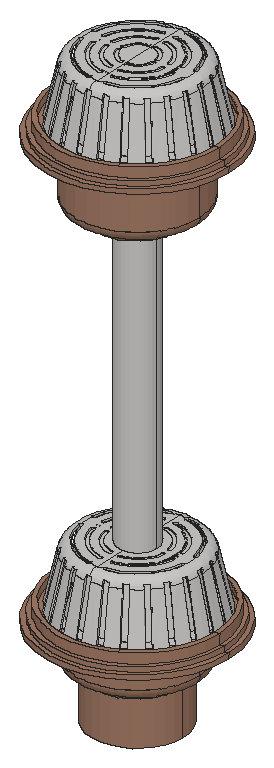
Revit family "Planter_Drain-Jay R. Smith-1915_Series", category Plumbing Fixtures, Revit 2021
Family settings
  Round Connector Dimension = Use Diameter
  Part Type = Normal
  OmniClass Number = 23.70.50.21.24
  OmniClass Title = Waste Water Drains
  Work Plane-Based = Yes
  Always vertical = Yes
  Cut with Voids When Loaded = No
  Shared = No
  Room Calculation Point = No
Parameters (values of type "1915Y06")
  Waste Connection = yes
  Vent Connection = no
  URL = "http://www.jrsmith.com"
  U - Vandal Proof Dome = no
  R - Sump Receiver = no
  Product Page URL = "https://www.jrsmith.com/1915-1920-1930-plaza-planter-drain"
  Product Documentation Link = "https://www.jrsmith.com/uploads/fileLibrary/d1915.pdf"
  Model = "1915Y06"
  Material = "Cast Iron-Jay R Smith-Duco Coated"
  Manufacturer = "Jay R. Smith Mfg. Co. "  # constant formula
  Installation Type = "Roof"  # constant formula
  HW Connection = no
  Finish = Cast Iron-Jay R Smith-Duco Coated
  Dome Height = 4 1/2"  # constant formula
  Diameter = 12"  # constant formula
  Description = "Duco cast iron body with adjustable extension sleeve, reversible collar, combined flashing clamp and gravel stop, and polyethylene dome"  # constant formula
  Default Elevation = 0"  # constant formula
  Connection Size = 6"
  Connection Radius = Connection Size / 2  # 3"
  Connection Outlet Description = "6\" No-HUB Outlet Connection"
  CW Connection = no
  C - Underdeck Clamp = no
  Assembly Code = "D2030300"
Types (5): name | Model | Connection Size | Connection Radius | Connection Outlet Description
  1915Y02 | "1915Y02" | 2" | 1" | "2\" No-HUB Outlet Connection"
  1915Y03 | "1915Y03" | 3" | 1 1/2" | "3\" No-HUB Outlet Connection"
  1915Y04 | "1915Y04" | 4" | 2" | "4\" No-HUB Outlet Connection"
  1915Y05 | "1915Y05" | 5" | 2 1/2" | "5\" No-HUB Outlet Connection"
  1915Y06 | "1915Y06" | 6" | 3" | "6\" No-HUB Outlet Connection"
Reference planes (in)
  plane 1: z = 0
  plane 2: y = 0
  plane 3: x = 0
  plane 4: z = 4.5
  plane 5: z = -6
  plane 6: z = 28.5
  plane 7: z = 23.75
  plane 8: z = 33
  plane 9: x = -6
  plane 10: x = 6
  plane 11: x = -4.875
  plane 12: x = 4.875
Forms (in)
  Revolve 1, solid, material "Cast Iron-Jay R Smith-Duco Coated" <- "Finish"
    sketch origin (-0.00719, 0, -13.75143) x (1, 0, 0) y (0, 0, 1)
      loop
        arc (2.87012, 10.64075) -> (3.04919, 10.71492) -> (3.12336, 10.89399) r 0.25324
        line (3.12336, 10.89399) -> (3.12336, 10.9462)
        arc (3.12336, 10.9462) -> (3.16789, 11.05371) -> (3.27541, 11.09825) r 0.15205
        line (3.27541, 11.09825) -> (3.31676, 11.09825)
        arc (3.31676, 11.09825) -> (3.85258, 11.25183) -> (4.08523, 11.75836) r 0.66775
        line (4.08523, 11.75836) -> (4.08523, 12.76636) -> (6.00719, 13.42193) -> (6.00719, 13.75143) -> (5.69577, 13.75143) -> (5.69577, 14.05626) -> (5.41344, 14.05626) -> (5.41344, 14.71046) -> (5.13283, 14.71046) -> (5.13283, 14.33802) -> (4.67695, 14.33802) -> (4.67695, 13.75143) -> (0.00719, 13.75143) -> (0.00719, 10.64075) -> (2.87012, 10.64075)
      axis (0, 10.64075) -> (0, 14.71046)
    angle from 0 to 360
  Revolve 2, solid, material "Cast Iron-Jay R Smith-Duco Coated" <- "Finish"
    sketch origin (-8.0697, 0, 0) x (-1, 0, 0) y (0, 0, -1)
      loop
        line (-8.0697, 6) -> (-11.0697, 6) -> (-11.0697, 0) -> (-8.0697, 0) -> (-8.0697, 6)
      axis (-8.0697, 0) -> (-8.0697, 6)
    angle from 0 to 360
  Revolve 3, solid, material "Metal-Jay R Smith-Stainless Steel"
    sketch origin (-7.78557, 0, 0) x (-1, 0, 0) y (0, 0, -1)
      loop
        line (-7.78557, -4.5) -> (-5.33073, -4.5)
        arc (-5.33073, -4.5) -> (-4.97028, -4.37764) -> (-4.7588, -4.06114) r 0.59211
        line (-4.7588, -4.06114) -> (-3.86561, -0.72771) -> (-3.17681, -0.72771) -> (-3.17681, -0.30483) -> (-4.01112, -0.30483) -> (-5.00028, -3.99644)
        arc (-5.00028, -3.99644) -> (-5.12247, -4.17931) -> (-5.33073, -4.25) r 0.34211
        line (-5.33073, -4.25) -> (-7.78557, -4.25) -> (-7.78557, -4.5)
      axis (-7.78557, -4.5) -> (-7.78557, -0.30483)
    angle from 0 to 360
  Revolve 4, solid, material "Metal-Jay R Smith-Stainless Steel"
    sketch origin (-8.86669, 0, 0) x (1, 0, 0) y (0, 0, 1)
      loop
        line (7.86669, 0) -> (7.86669, 23.75) -> (7.61669, 23.75) -> (7.61669, 0) -> (7.86669, 0)
      axis (8.86669, 23.75) -> (8.86669, 0)
    angle from 0 to 360
  Revolve 5, solid, material "Cast Iron-Jay R Smith-Duco Coated" <- "Finish"
    sketch origin (-0.00719, 0, 14.74857) x (1, 0, 0) y (0, 0, 1)
      loop
        arc (2.87012, 9.00143) -> (3.04919, 9.0756) -> (3.12336, 9.25466) r 0.25324
        line (3.12336, 9.25466) -> (3.12336, 9.30687)
        arc (3.12336, 9.30687) -> (3.16789, 9.41439) -> (3.27541, 9.45892) r 0.15205
        line (3.27541, 9.45892) -> (3.31676, 9.45892)
        arc (3.31676, 9.45892) -> (3.85258, 9.6125) -> (4.08523, 10.11903) r 0.66775
        line (4.08523, 10.11903) -> (4.08523, 12.76636) -> (6.00719, 13.42193) -> (6.00719, 13.75143) -> (5.69577, 13.75143) -> (5.69577, 14.05626) -> (5.41344, 14.05626) -> (5.41344, 14.71046) -> (5.13283, 14.71046) -> (5.13283, 14.33802) -> (4.67695, 14.33802) -> (4.67695, 13.75143) -> (0.00719, 13.75143) -> (0.00719, 9.00143) -> (2.87012, 9.00143)
      axis (0, 9.00143) -> (0, 14.71046)
    angle from 0 to 360
  Revolve 6, solid, material "Metal-Jay R Smith-Stainless Steel"
    sketch origin (-7.78557, 0, 28.5) x (-1, 0, 0) y (0, 0, -1)
      loop
        line (-7.78557, -4.5) -> (-5.33073, -4.5)
        arc (-5.33073, -4.5) -> (-4.97028, -4.37764) -> (-4.7588, -4.06114) r 0.59211
        line (-4.7588, -4.06114) -> (-3.86561, -0.72771) -> (-3.17681, -0.72771) -> (-3.17681, -0.30483) -> (-4.01112, -0.30483) -> (-5.00028, -3.99644)
        arc (-5.00028, -3.99644) -> (-5.12247, -4.17931) -> (-5.33073, -4.25) r 0.34211
        line (-5.33073, -4.25) -> (-7.78557, -4.25) -> (-7.78557, -4.5)
      axis (-7.78557, -4.5) -> (-7.78557, -0.30483)
    angle from 0 to 360
Dimensions and locks (in)
  locked: plane 4 to level at 4.5
  locked: level to plane 5 at 6
  locked: plane 6 to plane 4 at 24
  locked: plane 6 to plane 7 at 4.75
  locked: plane 8 to plane 6 at 4.5
  "Diameter": plane 10 to plane 9
  plane 12 to plane 11 = 9 3/4"
  "Connection Radius": Revolve 2 sketch curve to Revolve 2 sketch curve
  locked: Revolve 4 sketch curve to plane 3 at 1
  locked: Revolve 4 sketch curve to Revolve 4 sketch curve at 0.25
  aligned and locked: plane 3 to Revolve 2 sketch curve  (x2)
  aligned and locked: Revolve 2 sketch curve to plane 5
  aligned and locked: level to Revolve 2 sketch curve
  aligned and locked: plane 3 to Revolve 3 sketch curve  (x2)
  aligned and locked: plane 3 to Revolve 4 sketch curve
  aligned and locked: Revolve 4 sketch curve to level
  aligned and locked: plane 7 to Revolve 4 sketch curve
  aligned and locked: plane 7 to Revolve 5 sketch curve
Automatic sketch dimensions
  Revolve 1 sketch curve to level = 0"  (x2)
  plane 3 to Revolve 1 sketch curve = 0"
  plane 10 to Revolve 1 sketch curve = 0"
  plane 12 to Revolve 1 sketch curve = 2.01207"
  Revolve 1 sketch curve to Revolve 1 sketch curve = 0.25324"
  Revolve 1 sketch curve to Revolve 1 sketch curve = 0.15205"
  Revolve 1 sketch curve to Revolve 1 sketch curve = 0.04135"
  Revolve 1 sketch curve to Revolve 1 sketch curve = 0.10072"
  plane 12 to Revolve 1 sketch curve = 0.79696"
  plane 12 to Revolve 1 sketch curve = 0.20524"
  Revolve 1 sketch curve to plane 12 = 0.25064"
  Revolve 1 sketch curve to Revolve 1 sketch curve = 0.28061"
  plane 10 to Revolve 1 sketch curve = 0.31142"
  Revolve 1 sketch curve to Revolve 1 sketch curve = 0.3295"
  Revolve 1 sketch curve to level = 0.98506"
  Revolve 1 sketch curve to Revolve 1 sketch curve = 1.008"
  Revolve 1 sketch curve to Revolve 1 sketch curve = 0.05221"
  level to Revolve 1 sketch curve = 0.30483"
  Revolve 1 sketch curve to Revolve 1 sketch curve = 0.28176"
  Revolve 1 sketch curve to Revolve 1 sketch curve = 0.37244"
  plane 3 to Revolve 1 sketch curve = 0.00719"
  Revolve 1 sketch curve to Revolve 1 sketch curve = 1.18736"
  Revolve 1 sketch curve to plane 5 = 4.32418"
  Revolve 3 sketch curve to Revolve 3 sketch curve = 0"  (x2)
  Revolve 3 sketch curve to plane 4 = 0"
  plane 11 to Revolve 3 sketch curve = 2.42016"
  Revolve 3 sketch curve to plane 4 = 0.50356"
  Revolve 3 sketch curve to Revolve 3 sketch curve = 0.33045"
  Revolve 3 sketch curve to plane 4 = 0.43886"
  Revolve 3 sketch curve to Revolve 3 sketch curve = 0.24148"
  level to Revolve 3 sketch curve = 0.30483"
  plane 11 to Revolve 3 sketch curve = 1.10055"
  Revolve 3 sketch curve to Revolve 3 sketch curve = 0.14551"
  plane 11 to Revolve 3 sketch curve = 0.26623"
  Revolve 3 sketch curve to Revolve 3 sketch curve = 0.42288"
  Revolve 3 sketch curve to Revolve 3 sketch curve = 3"  (x2)
  plane 4 to Revolve 4 sketch curve = 4"
  Revolve 4 sketch curve to plane 7 = 5 1/4"
  plane 3 to Revolve 5 sketch curve = 0"
  Revolve 5 sketch curve to plane 6 = 0"  (x2)
  Revolve 5 sketch curve to plane 10 = 0"
  plane 7 to Revolve 5 sketch curve = 0.25324"
  plane 12 to Revolve 5 sketch curve = 2.01207"
  Revolve 5 sketch curve to Revolve 5 sketch curve = 0.15205"
  Revolve 5 sketch curve to Revolve 5 sketch curve = 0.04135"
  Revolve 5 sketch curve to Revolve 5 sketch curve = 0.10072"
  plane 12 to Revolve 5 sketch curve = 0.79696"
  plane 12 to Revolve 5 sketch curve = 0.20524"
  Revolve 5 sketch curve to plane 12 = 0.25064"
  Revolve 5 sketch curve to Revolve 5 sketch curve = 0.28061"
  plane 10 to Revolve 5 sketch curve = 0.31142"
  Revolve 5 sketch curve to Revolve 5 sketch curve = 0.05221"
  Revolve 5 sketch curve to plane 6 = 0.98506"
  Revolve 5 sketch curve to Revolve 5 sketch curve = 0.3295"
  plane 6 to Revolve 5 sketch curve = 0.30483"
  Revolve 5 sketch curve to Revolve 5 sketch curve = 0.28176"
  Revolve 5 sketch curve to Revolve 5 sketch curve = 0.37244"
  plane 3 to Revolve 5 sketch curve = 0.00719"
  Revolve 5 sketch curve to plane 7 = 5.57418"
  plane 7 to Revolve 5 sketch curve = 0.45197"
  Revolve 6 sketch curve to Revolve 6 sketch curve = 0"  (x2)
  plane 3 to Revolve 6 sketch curve = 0"  (x2)
  Revolve 6 sketch curve to plane 8 = 0"
  plane 11 to Revolve 6 sketch curve = 2.42016"
  Revolve 6 sketch curve to plane 8 = 0.50356"
  Revolve 6 sketch curve to Revolve 6 sketch curve = 0.33045"
  Revolve 6 sketch curve to plane 8 = 0.43886"
  Revolve 6 sketch curve to Revolve 6 sketch curve = 0.24148"
  plane 6 to Revolve 6 sketch curve = 0.30483"
  plane 11 to Revolve 6 sketch curve = 1.10055"
  Revolve 6 sketch curve to Revolve 6 sketch curve = 0.14551"
  plane 11 to Revolve 6 sketch curve = 0.26623"
  Revolve 6 sketch curve to Revolve 6 sketch curve = 0.42288"
  plane 8 to Revolve 6 sketch curve = 3"
  Revolve 6 sketch curve to Revolve 6 sketch curve = 3"
  Revolve 2 sketch curve to plane 7 = 5 1/4"
  Revolve 2 sketch curve to plane 5 = 4.64255"
Nested families (in)
  nested 1: "DOME" at (0.04971, 0, 0) x (0, 1, 0) z (0, 0, 1), type "Dome"
  nested 2: "DOME" at (0.04971, 0, 28.5) x (0, 1, 0) z (0, 0, 1), type "Dome"
Connectors (in)
  piping at (0, 0, -6), diameter 6, driven by "Connection Size", driven by "Connection Outlet Description"
    settings: on Revolve 2, index 1, connector inside diameter 24", connector length 0", flow factor 0, pipe flow 0 GPM, pressure drop 0.00 psi, fitting loss kfactor 0, connector angle 0.00°, fixture units 0, engagement length 0", angle of deflection 0.00°, flow configuration 0, flow direction 2, fitting loss method 0, system type 16, joint type 0, gender type 0, connector reference index -1, connector utility 0, adjustable connector no, is connector primary yes, connector description "6\" No-HUB Outlet Connection"
Definition of nested family "DOME"
  Parameters (values of type "Dome")
    Waste Connection = yes
    WFU = 0
    Vent Connection = no
    URL = ""
    Model = "Dome"
    Manufacturer = ""
    HW Connection = no
    Finish = none
    Description = ""
    Default Elevation = 0"
    Connection Radius = 2"
    CW Connection = no
  Reference planes (in)
    plane 1 "Center (Front/Back)": y = 0
    plane 2: z = 0
    plane 3 "Center (Left/Right)": x = 0
    plane 4: through (1.15564, -4.31289, 48) normal (0.9659, 0.2588, 0)
    plane 5: through (-1.15564, -4.31289, 48) normal (0.9659, -0.2588, 0)
    plane 6: through (-1.15564, -4.31289, 48) normal (0.9659, -0.2588, 0)
    plane 7: through (1.15564, 4.31289, 48) normal (-0.9659, 0.2588, 0)
    plane 8: through (-1.15564, 4.31289, 48) normal (-0.9659, -0.2588, 0)
    plane 9: through (2.23252, -3.86683, 48) normal (0.866, 0.5, 0)
    plane 10: through (2.23252, 3.86683, 48) normal (-0.866, 0.5, 0)
    plane 11: through (-3.15726, 3.15726, 48) normal (-0.7071, -0.7071, 0)
    plane 12: through (3.15726, 3.15726, 48) normal (-0.7071, 0.7071, 0)
    plane 13: through (-4.31289, 1.15564, 48) normal (-0.2588, -0.9659, 0)
    plane 14: through (3.86683, -2.23252, 48) normal (0.5, 0.866, 0)
    plane 15: through (4.31289, 1.15564, 48) normal (-0.2588, 0.9659, 0)
    plane 16: through (-3.86683, -2.23252, 48) normal (0.5, -0.866, 0)
    plane 17: through (0, 0, 48) normal (0.9914, 0.1305, 0)
    plane 18: z = 4.5
    plane 19: z = 5.66494
  Forms (in)
    Extrusion 1, solid
      sketch origin (0, 0, 0) x (1, 0, 0) y (0, 1, 0)
        loop
          line (-48, 48) -> (-48, -48) -> (48, -48) -> (48, 48) -> (-48, 48)
      from 0 to -12
    Extrusion 2, void
      sketch origin (0, 0, 5.875) x (1, 0, 0) y (0, 1, 0)
        loop
          arc (0.44843, -2.71319) -> (1.94454, -1.94454) -> (2.71319, -0.44843) r 2.75
          arc (2.71319, -0.44843) -> (2.60981, -0.30738) -> (2.46654, -0.40766) r 0.12503
          arc (2.46654, -0.40766) -> (1.76777, -1.76777) -> (0.40766, -2.46654) r 2.5
          arc (0.40766, -2.46654) -> (0.30738, -2.60981) -> (0.44843, -2.71319) r 0.12503
        loop
          arc (0.329, -1.97275) -> (1.41421, -1.41421) -> (1.97275, -0.329) r 2
          arc (1.97275, -0.329) -> (1.87186, -0.18543) -> (1.72678, -0.28413) r 0.12503
          arc (1.72678, -0.28413) -> (1.23744, -1.23744) -> (0.28413, -1.72678) r 1.75
          arc (0.28413, -1.72678) -> (0.18543, -1.87186) -> (0.329, -1.97275) r 0.12503
        loop
          arc (0.20562, -1.23297) -> (0.88388, -0.88388) -> (1.23297, -0.20562) r 1.25
          arc (1.23297, -0.20562) -> (1.12842, -0.06144) -> (0.98577, -0.16809) r 0.12503
          arc (0.98577, -0.16809) -> (0.70453, -0.70968) -> (0.16091, -0.98697) r 1
          arc (0.16091, -0.98697) -> (0.06204, -1.132) -> (0.20562, -1.23297) r 0.12503
        loop
          arc (0.57072, -3.45315) -> (2.47487, -2.47487) -> (3.45315, -0.57072) r 3.5
          arc (3.45315, -0.57072) -> (3.34977, -0.42968) -> (3.2065, -0.52996) r 0.12503
          arc (3.2065, -0.52996) -> (2.2981, -2.2981) -> (0.52996, -3.2065) r 3.25
          arc (0.52996, -3.2065) -> (0.42968, -3.34977) -> (0.57072, -3.45315) r 0.12503
        loop
          arc (0.44843, 2.71319) -> (0.30738, 2.60981) -> (0.40766, 2.46654) r 0.12503
          arc (0.40766, 2.46654) -> (1.76777, 1.76777) -> (2.46654, 0.40766) r 2.5
          arc (2.46654, 0.40766) -> (2.60981, 0.30738) -> (2.71319, 0.44843) r 0.12503
          arc (2.71319, 0.44843) -> (1.94454, 1.94454) -> (0.44843, 2.71319) r 2.75
        loop
          arc (0.329, 1.97275) -> (0.18543, 1.87186) -> (0.28413, 1.72678) r 0.12503
          arc (0.28413, 1.72678) -> (1.23744, 1.23744) -> (1.72678, 0.28413) r 1.75
          arc (1.72678, 0.28413) -> (1.87186, 0.18543) -> (1.97275, 0.329) r 0.12503
          arc (1.97275, 0.329) -> (1.41421, 1.41421) -> (0.329, 1.97275) r 2
        loop
          arc (0.20562, 1.23297) -> (0.06204, 1.132) -> (0.16091, 0.98697) r 0.12503
          arc (0.16091, 0.98697) -> (0.70453, 0.70968) -> (0.98577, 0.16809) r 1
          arc (0.98577, 0.16809) -> (1.12842, 0.06144) -> (1.23297, 0.20562) r 0.12503
          arc (1.23297, 0.20562) -> (0.88388, 0.88388) -> (0.20562, 1.23297) r 1.25
        loop
          arc (0.57072, 3.45315) -> (0.42968, 3.34977) -> (0.52996, 3.2065) r 0.12503
          arc (0.52996, 3.2065) -> (2.2981, 2.2981) -> (3.2065, 0.52996) r 3.25
          arc (3.2065, 0.52996) -> (3.34977, 0.42968) -> (3.45315, 0.57072) r 0.12503
          arc (3.45315, 0.57072) -> (2.47487, 2.47487) -> (0.57072, 3.45315) r 3.5
        loop
          arc (-0.44843, -2.71319) -> (-0.30738, -2.60981) -> (-0.40766, -2.46654) r 0.12503
          arc (-0.40766, -2.46654) -> (-1.76777, -1.76777) -> (-2.46654, -0.40766) r 2.5
          arc (-2.46654, -0.40766) -> (-2.60981, -0.30738) -> (-2.71319, -0.44843) r 0.12503
          arc (-2.71319, -0.44843) -> (-1.94454, -1.94454) -> (-0.44843, -2.71319) r 2.75
        loop
          arc (-0.329, -1.97275) -> (-0.18543, -1.87186) -> (-0.28413, -1.72678) r 0.12503
          arc (-0.28413, -1.72678) -> (-1.23744, -1.23744) -> (-1.72678, -0.28413) r 1.75
          arc (-1.72678, -0.28413) -> (-1.87186, -0.18543) -> (-1.97275, -0.329) r 0.12503
          arc (-1.97275, -0.329) -> (-1.41421, -1.41421) -> (-0.329, -1.97275) r 2
        loop
          arc (-0.20562, -1.23297) -> (-0.06204, -1.132) -> (-0.16091, -0.98697) r 0.12503
          arc (-0.16091, -0.98697) -> (-0.70453, -0.70968) -> (-0.98577, -0.16809) r 1
          arc (-0.98577, -0.16809) -> (-1.12842, -0.06144) -> (-1.23297, -0.20562) r 0.12503
          arc (-1.23297, -0.20562) -> (-0.88388, -0.88388) -> (-0.20562, -1.23297) r 1.25
        loop
          arc (-0.57072, -3.45315) -> (-0.42968, -3.34977) -> (-0.52996, -3.2065) r 0.12503
          arc (-0.52996, -3.2065) -> (-2.2981, -2.2981) -> (-3.2065, -0.52996) r 3.25
          arc (-3.2065, -0.52996) -> (-3.34977, -0.42968) -> (-3.45315, -0.57072) r 0.12503
          arc (-3.45315, -0.57072) -> (-2.47487, -2.47487) -> (-0.57072, -3.45315) r 3.5
        loop
          arc (-0.44843, 2.71319) -> (-1.94454, 1.94454) -> (-2.71319, 0.44843) r 2.75
          arc (-2.71319, 0.44843) -> (-2.60981, 0.30738) -> (-2.46654, 0.40766) r 0.12503
          arc (-2.46654, 0.40766) -> (-1.76777, 1.76777) -> (-0.40766, 2.46654) r 2.5
          arc (-0.40766, 2.46654) -> (-0.30738, 2.60981) -> (-0.44843, 2.71319) r 0.12503
        loop
          arc (-0.329, 1.97275) -> (-1.41421, 1.41421) -> (-1.97275, 0.329) r 2
          arc (-1.97275, 0.329) -> (-1.87186, 0.18543) -> (-1.72678, 0.28413) r 0.12503
          arc (-1.72678, 0.28413) -> (-1.23744, 1.23744) -> (-0.28413, 1.72678) r 1.75
          arc (-0.28413, 1.72678) -> (-0.18543, 1.87186) -> (-0.329, 1.97275) r 0.12503
        loop
          arc (-0.20562, 1.23297) -> (-0.88388, 0.88388) -> (-1.23297, 0.20562) r 1.25
          arc (-1.23297, 0.20562) -> (-1.12842, 0.06144) -> (-0.98577, 0.16809) r 0.12503
          arc (-0.98577, 0.16809) -> (-0.70453, 0.70968) -> (-0.16091, 0.98697) r 1
          arc (-0.16091, 0.98697) -> (-0.06204, 1.132) -> (-0.20562, 1.23297) r 0.12503
        loop
          arc (-0.57072, 3.45315) -> (-2.47487, 2.47487) -> (-3.45315, 0.57072) r 3.5
          arc (-3.45315, 0.57072) -> (-3.34977, 0.42968) -> (-3.2065, 0.52996) r 0.12503
          arc (-3.2065, 0.52996) -> (-2.2981, 2.2981) -> (-0.52996, 3.2065) r 3.25
          arc (-0.52996, 3.2065) -> (-0.42968, 3.34977) -> (-0.57072, 3.45315) r 0.12503
      from -1.66198 to -0.25663
    Extrusion 3, void
      sketch origin (-0.43301, 0.25, -0.45132) x (0.5, 0.866025, 0) y (0, 0, 1)
        loop
          line (-0.1875, 0.59953) -> (0.1875, 0.59953) -> (0.1875, 4.66434) -> (-0.1875, 4.66434) -> (-0.1875, 0.59953)
      from -5.07939 to 6.07939
    Extrusion 4, void
      sketch origin (-0.12941, 0.48296, -0.45132) x (0.965926, 0.258819, 0) y (0, 0, 1)
        loop
          line (-0.1875, 0.59953) -> (0.1875, 0.59953) -> (0.1875, 4.66434) -> (-0.1875, 4.66434) -> (-0.1875, 0.59953)
      from -5.07939 to 6.07939
    Extrusion 5, void
      sketch origin (0.12941, 0.48296, -0.45132) x (-0.965926, 0.258819, 0) y (0, 0, -1)
        loop
          line (-0.1875, -0.59953) -> (-0.1875, -4.66434) -> (0.1875, -4.66434) -> (0.1875, -0.59953) -> (-0.1875, -0.59953)
      from -5.07939 to 6.07939
    Extrusion 6, void
      sketch origin (0.48296, 0.12941, -0.45132) x (-0.258819, 0.965926, 0) y (0, 0, -1)
        loop
          line (-0.1875, -0.59953) -> (-0.1875, -4.66434) -> (0.1875, -4.66434) -> (0.1875, -0.59953) -> (-0.1875, -0.59953)
      from -5.07939 to 6.07939
    Extrusion 7, void
      sketch origin (0.35355, 0.35355, -0.45132) x (0.707107, -0.707107, 0) y (0, 0, 1)
        loop
          line (-0.1875, 0.59953) -> (0.1875, 0.59953) -> (0.1875, 4.66434) -> (-0.1875, 4.66434) -> (-0.1875, 0.59953)
      from -5.07939 to 6.07939
    Extrusion 8, void
      sketch origin (0.5, 0, -0.45132) x (0, -1, 0) y (0, 0, 1)
        loop
          line (-0.1875, 0.59953) -> (0.1875, 0.59953) -> (0.1875, 4.66434) -> (-0.1875, 4.66434) -> (-0.1875, 0.59953)
      from -5.07939 to 6.07939
    Extrusion 9, void
      sketch origin (0.25, 0.43301, -0.45132) x (0.866025, -0.5, 0) y (0, 0, 1)
        loop
          line (-0.1875, 0.59953) -> (0.1875, 0.59953) -> (0.1875, 4.66434) -> (-0.1875, 4.66434) -> (-0.1875, 0.59953)
      from -5.07939 to 6.07939
    Extrusion 10, void
      sketch origin (0.48296, -0.12941, -0.45132) x (-0.258819, -0.965926, 0) y (0, 0, 1)
        loop
          line (-0.1875, 0.59953) -> (0.1875, 0.59953) -> (0.1875, 4.66434) -> (-0.1875, 4.66434) -> (-0.1875, 0.59953)
      from -5.07939 to 6.07939
    Extrusion 11, void
      sketch origin (-0.25, 0.43301, -0.45132) x (-0.866025, -0.5, 0) y (0, 0, -1)
        loop
          line (-0.1875, -0.59953) -> (-0.1875, -4.66434) -> (0.1875, -4.66434) -> (0.1875, -0.59953) -> (-0.1875, -0.59953)
      from -5.07939 to 6.07939
    Extrusion 12, void
      sketch origin (0.35355, -0.35355, -0.45132) x (0.707107, 0.707107, 0) y (0, 0, -1)
        loop
          line (-0.1875, -0.59953) -> (-0.1875, -4.66434) -> (0.1875, -4.66434) -> (0.1875, -0.59953) -> (-0.1875, -0.59953)
      from -5.07939 to 6.07939
    Extrusion 13, void
      sketch origin (0, 0.5, -0.45132) x (1, 0, 0) y (0, 0, 1)
        loop
          line (-0.1875, 0.59953) -> (0.1875, 0.59953) -> (0.1875, 4.66434) -> (-0.1875, 4.66434) -> (-0.1875, 0.59953)
      from -5.07939 to 6.07939
    Extrusion 14, void
      sketch origin (0.43301, 0.25, -0.45132) x (-0.5, 0.866025, 0) y (0, 0, -1)
        loop
          line (-0.1875, -0.59953) -> (-0.1875, -4.66434) -> (0.1875, -4.66434) -> (0.1875, -0.59953) -> (-0.1875, -0.59953)
      from -5.07939 to 6.07939
    Revolve 15, solid
      sketch origin (0, 0, 6.20508) x (1, 0, 0) y (0, 0, 1)
        loop
          line (4.96005, -6.20508) -> (5.02544, -6.20508) -> (4.11306, -2.25316)
          arc (4.11306, -2.25316) -> (3.86336, -1.8574) -> (3.42157, -1.70312) r 0.70968
          line (3.42157, -1.70312) -> (0, -1.70312) -> (0, -1.80663) -> (3.29898, -1.80663)
          arc (3.29898, -1.80663) -> (3.80423, -1.98308) -> (4.08981, -2.43569) r 0.81164
          line (4.08981, -2.43569) -> (4.96005, -6.20508)
        axis (0, -1.70312) -> (0, -6.20508)
      angle from 0 to 360
  Cuts and joins
    Extrusion 2, Extrusion 3, Extrusion 4, Extrusion 5, Extrusion 6, Extrusion 7, Extrusion 8, Extrusion 9, Extrusion 10, Extrusion 11, Extrusion 12, Extrusion 13, Extrusion 14 cuts Revolve 15
  Dimensions and locks (in)
    plane 18 to Extrusion 1 = 4 1/2"
    radius of Revolve 15 sketch curve = 0.81164"
    radius of Revolve 15 sketch curve = 0.70968"
    aligned and locked: plane 2 to Extrusion 1
    aligned and locked: level to Extrusion 1
    aligned and locked: Extrusion 13 to Extrusion 4
    aligned and locked: Extrusion 13 to Extrusion 11
    aligned and locked: Extrusion 12 to Extrusion 13
    aligned and locked: Extrusion 5 to Extrusion 13
    aligned and locked: Extrusion 13 to Extrusion 3
    aligned and locked: Extrusion 10 to Extrusion 13
    aligned and locked: Extrusion 8 to Extrusion 13
    aligned and locked: Extrusion 9 to Extrusion 13
    aligned and locked: Extrusion 7 to Extrusion 13
    aligned and locked: Extrusion 6 to Extrusion 13
    aligned and locked: Extrusion 14 to Extrusion 13
    aligned and locked: Extrusion 4 to Extrusion 13
    aligned and locked: Extrusion 11 to Extrusion 4
    aligned and locked: Extrusion 12 to Extrusion 4
    aligned and locked: Extrusion 3 to Extrusion 4
    aligned and locked: Extrusion 3 to Extrusion 5
